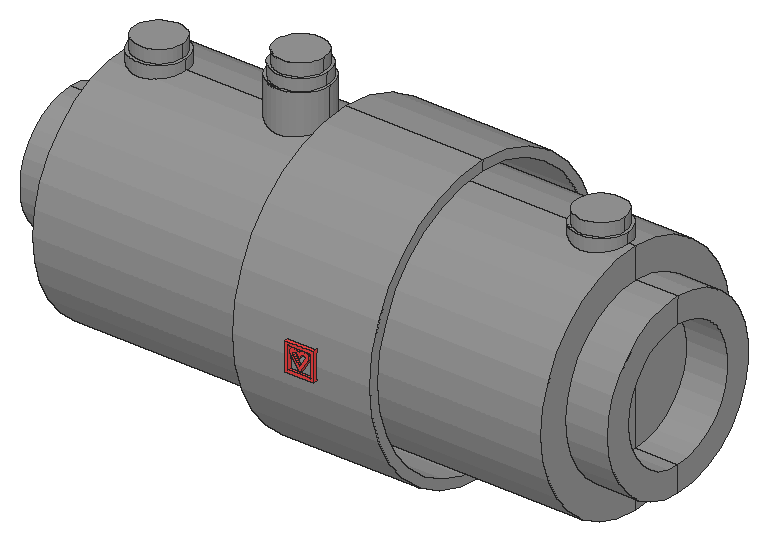
Revit family "Клапан предотвращения обратного потока 0307, наружная резьба х внутренняя резьба", category Rohrzubehör, Revit 2021
Family settings
  Bemaßung runder Anschluss = Durchmesser verwenden
  Teiletyp = Unterbricht
  OmniClass-Nummer = 23.65.55.14
  OmniClass-Titel = Valves for Liquid Services
  Arbeitsebenenbasiert = Nein
  Immer vertikal = Ja
  Beim Laden mit Abzugskörper schneiden = Nein
  Gemeinsam genutzt = Nein
Parameters (values of type "наружная резьба х внутренняя резьба DN40-DN40")
  Среда = "вода (не пар)"  # constant formula
  Примечание = "В соответствии со статьей 33 Регламента REACH (Registration; Evaluation; Authorisation; Restriction of Chemicals) (EC № 1907/2006) мы обязаны указать, что свинец внесен в список SVHC (Substances of Very High Concern - вещества очень высокой важности) и весовой процент свинца во всех латунных компонентах заводского изготовления в наших изделиях, превышает 0,1 % (w/w) (CAS: 7439-92-1 / EINECS: 231-100-4).\r\nПоскольку свинец является легирующим компонентом сплава, прямое негативное влияние исключается, и поэтому дополнительной информации о безопасном использовании не требуется."
  Область применения = "Клапан предотвращения обратного потока является экономически выгодным решением по дооснащению гидрантов арматурой, в соответствии с предписаниями DIN EN 1717, предотвращающей подсасывание непитьевой воды обратно в трубопровод питьевого водоснабжения.\r\nКлапан предотвращения обратного потока предназначается для установки в горизонтальном положении.\r\nДопускается также его вертикальное положение, но обязательно по направлению движения потока сверху вниз.\r\nКлапан не предусмотрен для установки на стояковых нагнетательных трубопроводах."
  Макс. рабочее давление = 1000000.0 Pa  # constant formula
  Макс. рабочая температура = 65 °C  # constant formula
  Корпус = "нержавеющая сталь"  # constant formula
  Исполнение = "Клапан предотвращения обратного потока ВА разработан согласно требованиям нормы DIN EN 1717.\r\nСогласно этой нормы качество воды, в зависимости от степени загрязнения, разделяется на 5 категорий.\r\nКлапан предотвращения обратного потока типа ВА обеспечивает защиту от непитьевой воды до 4 категории, - это самый высокий класс защиты, который может обеспечить арматура.\r\nБолее низкий уровень защиты, чем тот, что обеспечивается клапаном предотвращения обратного потока, не является стандартом и в случае аварии ответственность несёт потребитель такого гидранта.\r\nФункциональный узел представляет собой картридж с золотником больших размеров и защищающего от гидравлического удара спускного клапана.\r\nРезьбы соединения между собой взаимозаменяемы, при этом возможны 16 вариантов подключения (входная и выходная стороны могут быть с внутренней или наружной резьбой  1 1/2\" , как альтернатива,  с внутренней или наружной резьбой 2\")."
  Vorgabe-Ansicht = 0.000 mm
  URL = "www.herz-armaturen.ru"
  SCTWSEQ = "AW;SBT_TYP_AW=\"104\";2"
  SCTWCODE = "04;12;02"  # constant formula
  S03 = 15.000 mm  # constant formula
  S02 = 45.000 mm  # constant formula
  S01 = 98.000 mm  # constant formula
  Nennweite Ein [instance] = if(AG_IG_DN40_DN40, 40.000 mm, if(AG_IG_DN40_DN50, 40.000 mm, if(AG_IG_DN50_DN40, 50.000 mm, if(AG_IG_DN50_DN50, 50.000 mm, 0.000 mm))))  # 40.000 mm
  Nennweite Aus [instance] = if(AG_IG_DN40_DN40, 40.000 mm, if(AG_IG_DN40_DN50, 50.000 mm, if(AG_IG_DN50_DN40, 40.000 mm, if(AG_IG_DN50_DN50, 50.000 mm, 0.000 mm))))  # 40.000 mm
  Макс. допустимая рабочая температура (кратковременно) = 80 °C  # constant formula
  L07 = 24.500 mm  # constant formula
  L06 = 73.000 mm  # constant formula
  L05 = 28.000 mm  # constant formula
  L04 = 13.500 mm  # constant formula
  L03 = 87.500 mm  # constant formula
  L02 = 18.000 mm  # constant formula
  L01 = 193.000 mm  # constant formula
  Hersteller = "HERZ Armaturen Ges.m.b.H."  # constant formula
  Положение при монтаже = "горизонтально или вертикально, с направлением потока сверху вниз"  # constant formula
  D03 [instance] = if(AG_IG_DN40_DN40, 28.000 mm, if(AG_IG_DN40_DN50, 33.000 mm, if(AG_IG_DN50_DN40, 28.000 mm, if(AG_IG_DN50_DN50, 33.000 mm, 0.000 mm))))  # 28.000 mm
  D02 = 45.000 mm  # constant formula
  D01 = 37.500 mm  # constant formula
  Номер заказа [instance] = if(AG_IG_DN40_DN40, "I030704", if(AG_IG_DN40_DN50, "I030712", if(AG_IG_DN50_DN40, "I030716", if(AG_IG_DN50_DN50, "I030708", "0"))))  # "I030704"
  AG_IG_DN50_DN50 = no
  AG_IG_DN50_DN40 = no
  AG_IG_DN40_DN50 = no
  AG_IG_DN40_DN40 = yes
  IG Aus [instance] = Nennweite Aus / 2  # 20.000 mm
  AG Ein [instance] = Nennweite Ein / 2  # 20.000 mm
Types (5, lengths in mm): name | Nennweite Ein | Nennweite Aus | D03 | Номер заказа | AG_IG_DN50_DN50 | AG_IG_DN50_DN40 | AG_IG_DN40_DN50 | AG_IG_DN40_DN40 | IG Aus | AG Ein
  (no name) | 40.000 | 40.000 | 28.000 | "I030704" | no | no | no | yes | 20.000 | 20.000
  наружная резьба х внутренняя резьба DN40-DN50 | 40.000 | 50.000 | 33.000 | "I030712" | no | no | yes | no | 25.000 | 20.000
  наружная резьба х внутренняя резьба DN40-DN40 | 40.000 | 40.000 | 28.000 | "I030704" | no | no | no | yes | 20.000 | 20.000
  наружная резьба х внутренняя резьба DN50-DN50 | 50.000 | 50.000 | 33.000 | "I030708" | yes | no | no | no | 25.000 | 25.000
  наружная резьба х внутренняя резьба DN50-DN40 | 50.000 | 40.000 | 28.000 | "I030716" | no | yes | no | no | 20.000 | 25.000
Reference planes
  plane 1 "Mitte (Vorne/hinten)": y = 0
  plane 2: z = 0
  plane 3 "Mitte (Links/rechts)": x = 0
Forms (mm)
  Revolve 1, solid, material "Messing, weicher Gelbton, geschweißt", detail levels fine
    sketch origin (0, 0, 0) x (1, 0, 0) y (0, 0, 1)
      loop
        line (-96.5, 0) -> (83, 0) -> (83, 20) -> (96.5, 20) -> (96.5, 28) -> (83, 28) -> (83, 37.5) -> (-78.5, 37.5) -> (-78.5, 20) -> (-96.5, 20) -> (-96.5, 0)
      axis (-96.5, 0) -> (96.5, 0)
    angle from 0 to 360
  Revolve 2, solid, material "Acetalharz, Schwarz", detail levels fine
    sketch origin (0, 0, 0) x (1, 0, 0) y (0, 0, 1)
      loop
        line (-9, 0) -> (1.5, 0) -> (1.5, 42) -> (34.5, 42) -> (34.5, 45) -> (-9, 45) -> (-9, 0)
      axis (-9, 0) -> (34.5, 0)
    angle from 0 to 360
  Extrusion 3, solid, material "Messing, weicher Gelbton, geschweißt", detail levels fine
    sketch origin (0, 0, 0) x (1, 0, 0) y (0, 1, 0)
      loop
        circle (-68.5, 0) r 8.5
      loop
        circle (72, 0) r 8.5
    from 0 to 40.5
  Extrusion 4, solid, material "Acetalharz, Schwarz", detail levels fine
    sketch origin (0, 0, 0) x (1, 0, 0) y (0, 1, 0)
      loop
        circle (-68.5, 0) r 7.5
      loop
        circle (72, 0) r 7.5
    from 40.5 to 44.5
  Extrusion 5, solid, material "Messing, weicher Gelbton, geschweißt", detail levels fine
    sketch origin (0, 0, 0) x (1, 0, 0) y (0, 1, 0)
      loop
        circle (-23.5, 0) r 9.3
    from 0 to 49
  Extrusion 6, solid, material "Messing, weicher Gelbton, geschweißt", detail levels fine
    sketch origin (0, 0, 0) x (1, 0, 0) y (0, 1, 0)
      loop
        circle (-23.5, 0) r 8.5
    from 49 to 52.5
  Extrusion 7, solid, material "Acetalharz, Schwarz", visible <- "AG_IG_DN40_DN50", detail levels fine
    sketch origin (0, 0, 0) x (1, 0, 0) y (0, 1, 0)
      loop
        circle (-23.5, 0) r 7.5
    from 52.5 to 56.5
  Extrusion 8, solid, material "Acetalharz, Schwarz", visible <- "AG_IG_DN40_DN40", detail levels fine
    sketch origin (0, 0, 0) x (1, 0, 0) y (0, 1, 0)
      loop
        circle (-23.5, 0) r 7.5
    from 52.5 to 56.4
  Extrusion 9, solid, material "Acetalharz, Schwarz", visible <- "AG_IG_DN50_DN50", detail levels fine
    sketch origin (0, 0, 0) x (1, 0, 0) y (0, 1, 0)
      loop
        circle (-23.5, 0) r 7.5
    from 52.5 to 56.3
  Extrusion 10, solid, material "Acetalharz, Schwarz", visible <- "AG_IG_DN50_DN40", detail levels fine
    sketch origin (0, 0, 0) x (1, 0, 0) y (0, 1, 0)
      loop
        circle (-23.5, 0) r 7.5
    from 52.5 to 56.2
Lines and regions (mm)
  model lines, detail levels coarse+medium
    curve 1: line (-96.5, 0, 37.5) -> (96.5, 0, 37.5)
    curve 2: line (-96.5, 0, -37.5) -> (-96.5, 0, 37.5)
    curve 3: line (96.5, 0, -37.5) -> (-96.5, 0, -37.5)
    curve 4: line (96.5, 0, 37.5) -> (96.5, 0, -37.5)
    curve 5: line (-96.5, 0, -22.5) -> (-51.5, 0, -22.5)
    curve 6: line (-1.5, 0, -22.5) -> (96.5, 0, -22.5)
    curve 7: line (-96.5, 0, 22.5) -> (-51.5, 0, 22.5)
    curve 8: line (-1.5, 0, 22.5) -> (96.5, 0, 22.5)
    curve 9: line (-96.5, 37.5, 0) -> (96.5, 37.5, 0)
    curve 10: line (-96.5, -37.5, 0) -> (-96.5, 37.5, 0)
    curve 11: line (96.5, -37.5, 0) -> (-96.5, -37.5, 0)
    curve 12: line (96.5, 37.5, 0) -> (96.5, -37.5, 0)
    curve 13: line (-96.5, 22.5, 0) -> (-51.5, 22.5, 0)
    curve 14: line (-1.5, 22.5, 0) -> (96.5, 22.5, 0)
    curve 15: line (-96.5, -22.5, 0) -> (-51.5, -22.5, 0)
    curve 16: line (-1.5, -22.5, 0) -> (96.5, -22.5, 0)
Dimensions and locks
  "L04": Revolve 1 sketch curve to Revolve 1 sketch curve
  "L02": Revolve 1 sketch curve to Revolve 1 sketch curve
  "L01": Revolve 1 sketch curve to Revolve 1 sketch curve
  equal spacing: Revolve 1 sketch curve, plane 3 "Mitte (Links/rechts)", Revolve 1 sketch curve
  "AG Ein": Revolve 1 sketch curve to plane 2
  "D01": Revolve 1 sketch curve to plane 2
  "L03": Revolve 1 to Revolve 2 sketch curve
  equal spacing: curve 4, plane 3 "Mitte (Links/rechts)", curve 2
  "L01": curve 4 to curve 2
  "D01": curve 1 to plane 2 to curve 3
  "S03": curve 5 to curve 3
  "S03": curve 1 to curve 7
  "S03": curve 1 to curve 8
  "S03": curve 6 to curve 3
  "S02": curve 5 to curve 2
  "S02": curve 7 to curve 2
  "S01": curve 8 to curve 4
  "S01": curve 6 to curve 4
  equal spacing: curve 10, plane 3 "Mitte (Links/rechts)", curve 12
  "L01": curve 10 to curve 12
  "D01": curve 11 to plane 1 "Mitte (Vorne/hinten)" to curve 9
  "S03": curve 13 to curve 9
  "S03": curve 11 to curve 15
  "S03": curve 14 to curve 9
  "S03": curve 11 to curve 16
  "S01": curve 14 to curve 12
  "S01": curve 16 to curve 12
  "S02": curve 10 to curve 15
  "S02": curve 10 to curve 13
  "D02": Revolve 2 sketch curve to Revolve 2 sketch curve
  equal spacing: Revolve 2, nested 1, Revolve 2
  "D02": nested 1 to plane 1 "Mitte (Vorne/hinten)"
  "D03": Revolve 1 sketch curve to plane 2
  "IG Aus": Revolve 1 sketch curve to plane 2
  "L05": Revolve 1 to Extrusion 3 sketch curve
  "L05": Revolve 1 to Extrusion 4 sketch curve
  "L06": Revolve 1 to Extrusion 5 sketch curve
  "L06": Revolve 1 to Extrusion 6 sketch curve
  "L06": Revolve 1 to Extrusion 10 sketch curve
  "L06": Revolve 1 to Extrusion 9 sketch curve
  "L06": Revolve 1 to Extrusion 8 sketch curve
  "L06": Revolve 1 to Extrusion 7 sketch curve
  "L07": Extrusion 3 sketch curve to Revolve 1
  "L07": Extrusion 4 sketch curve to Revolve 1
  aligned and locked: level to plane 2
Automatic sketch dimensions
  Revolve 1 sketch curve to level = 0.000 mm  (x2)
  Revolve 1 sketch curve to Revolve 1 sketch curve = 0.000 mm
  Revolve 1 sketch curve to Revolve 1 sketch curve = 1408.530 mm
  Revolve 1 sketch curve to Revolve 1 sketch curve = 1741.148 mm
  Revolve 2 sketch curve to level = 0.000 mm  (x2)
  plane 3 "Mitte (Links/rechts)" to Revolve 2 sketch curve = 1.500 mm
  Revolve 2 sketch curve to Revolve 2 sketch curve = 33.000 mm
  Revolve 2 sketch curve to Revolve 2 sketch curve = 3.000 mm
  Revolve 2 sketch curve to Revolve 2 sketch curve = 1496.030 mm
  Revolve 2 sketch curve to Revolve 2 sketch curve = 1804.648 mm
  plane 1 "Mitte (Vorne/hinten)" to Extrusion 3 sketch curve = 0.000 mm  (x2)
  plane 1 "Mitte (Vorne/hinten)" to Extrusion 4 sketch curve = 0.000 mm  (x2)
  plane 1 "Mitte (Vorne/hinten)" to Extrusion 5 sketch curve = 0.000 mm
  plane 1 "Mitte (Vorne/hinten)" to Extrusion 6 sketch curve = 0.000 mm
  plane 1 "Mitte (Vorne/hinten)" to Extrusion 7 sketch curve = 0.000 mm
  plane 1 "Mitte (Vorne/hinten)" to Extrusion 8 sketch curve = 0.000 mm
  plane 1 "Mitte (Vorne/hinten)" to Extrusion 9 sketch curve = 0.000 mm
  plane 1 "Mitte (Vorne/hinten)" to Extrusion 10 sketch curve = 0.000 mm
  radius of Extrusion 3 sketch curve = 8.500 mm  (x2)
  radius of Extrusion 4 sketch curve = 7.500 mm  (x2)
  radius of Extrusion 5 sketch curve = 9.300 mm
  radius of Extrusion 6 sketch curve = 8.500 mm
  radius of Extrusion 7 sketch curve = 7.500 mm
  radius of Extrusion 8 sketch curve = 7.500 mm
  radius of Extrusion 9 sketch curve = 7.500 mm
  radius of Extrusion 10 sketch curve = 7.500 mm
Nested families
  nested 1: "Herz-Logo-vorne" at (12.75, -45, 0) x (0, 1, 0) z (0, 0, 1), type "Herz-Logo-vorne", detail levels fine
Connectors
  piping at (-96.5, 0, 0), diameter 40, driven by "Nennweite Ein"
    settings: on Revolve 1, index 2, connector inside diameter 609.6 mm, connector length 0.000 mm, flow factor 0, pipe flow 0.0 L/s, pressure drop 0.0 Pa, fitting loss kfactor 0, connector angle 0.00°, fixture units 0, engagement length 0.000 mm, angle of deflection 0.00°, flow configuration 0, flow direction 1, fitting loss method 0, system type 29, joint type 0, gender type 0, connector reference index -1, connector utility 0, adjustable connector no, is connector primary yes, connector description ""
  piping at (83, 0, 0), diameter 40, driven by "Nennweite Aus"
    settings: on Revolve 1, index 3, connector inside diameter 609.6 mm, connector length 0.000 mm, flow factor 0, pipe flow 0.0 L/s, pressure drop 0.0 Pa, fitting loss kfactor 0, connector angle 0.00°, fixture units 0, engagement length 0.000 mm, angle of deflection 0.00°, flow configuration 0, flow direction 2, fitting loss method 0, system type 29, joint type 0, gender type 0, connector reference index -1, connector utility 0, adjustable connector no, is connector primary no, connector description ""
Definition of nested family "Herz-Logo-vorne"
  Parameters (values of type "Herz-Logo-vorne")
    Default Elevation = 0.000 mm
  Reference planes
    plane 1 "Mitte (Vorne/hinten)": y = 0
    plane 2: z = 0
    plane 3 "Mitte (Links/rechts)": x = 0
  Forms (mm)
    Extrusion 1, solid
      sketch origin (0.732, -0.018, 0.017) x (0, -1, 0) y (0, 0, 1)
        loop
          line (-0.018, -4.517) -> (4.482, -4.517) -> (4.482, 4.483) -> (-4.518, 4.483) -> (-4.518, -4.517) -> (-0.018, -4.517)
        loop
          line (-0.05, -3.48) -> (3.482, -3.48) -> (3.482, 3.483) -> (-3.518, 3.483) -> (-3.518, -3.48) -> (-0.05, -3.48)
        loop
          arc (-0.018, 2.383) -> (-1.543, 3.287) -> (-3.067, 2.383) r 1.738
          arc (-3.067, 2.383) -> (-3.191, 1.899) -> (-3.067, 1.415) r 1.009
          line (-3.067, 1.415) -> (-0.018, -3.281) -> (3.032, 1.415)
          arc (3.032, 1.415) -> (3.156, 1.899) -> (3.032, 2.383) r 1.009
          arc (3.032, 2.383) -> (1.507, 3.287) -> (-0.018, 2.383) r 1.738
        loop
          arc (1.885, 1.272) -> (2.005, 1.675) -> (1.885, 2.079) r 0.74
          arc (1.885, 2.079) -> (1.265, 2.416) -> (0.644, 2.079) r 0.74
          line (0.644, 2.079) -> (-0.018, 0.97) -> (-0.679, 2.079)
          arc (-0.679, 2.079) -> (-1.3, 2.416) -> (-1.921, 2.079) r 0.74
          arc (-1.921, 2.079) -> (-2.04, 1.675) -> (-1.921, 1.272) r 0.74
          line (-1.921, 1.272) -> (-0.018, -1.658) -> (1.885, 1.272)
      from 0 to 1.5
  Dimensions and locks
    aligned and locked: level to plane 2
